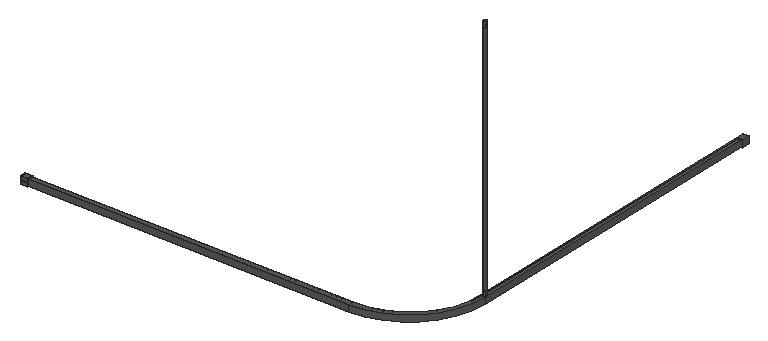
Revit family "rba-bim-rba4177-561", category Plumbing Fixtures, Revit 2018
Family settings
  Round Connector Dimension = Use Diameter
  Part Type = Normal
  Work Plane-Based = No
  Always vertical = Yes
  Cut with Voids When Loaded = No
  Shared = No
  Room Calculation Point = No
Parameters (values of type "RBA4177-561")
  URL = "www.rba.com.au"
  Phone Number = ""
  Modified Issue = "20220411.01"
  Materials and Finishes = Matte Black
  Length = 1635.000 mm
  Model = "RBA4177-561"
  Manufacturer = "RBA Group"  # constant formula
  Description = "Shower Curtain Track, Matte Black 1635mm x 1635mm"
  Copyright by = "RBA Group"  # constant formula
Reference planes
  plane 1 "Center (Front/Back)": y = 0
  plane 2: z = 0
  plane 3 "Center (Left/Right)": x = 0
  plane 4: y = 1635
  plane 5: x = 1635
  plane 6: z = 1000
  plane 7: z = -12.5
Forms (mm)
  Sweep 1, solid, material "Matte Black" <- "Materials and Finishes"
    path origin (-36, 140, 0) x (0, 1, 0) y (-1, 0, 0)
      loop
        line (-140, -38) -> (-140, -1371)
        arc (-140, -1371) -> (-52.132, -1583.132) -> (160, -1671) r 300
        line (160, -1671) -> (1493, -1671)
    profile origin (668.5, 0, 0) x (0, 1, 0) y (0, 0, 1)
      loop
        line (10, 0) -> (-10, 0) -> (-10, -25) -> (-5, -25) -> (-5, -23) -> (-7.375, -23) -> (-7.375, -2) -> (7.375, -2) -> (7.375, -23) -> (5, -23) -> (5, -25) -> (10, -25) -> (10, 0)
  Extrusion 2, solid, material "Matte Black" <- "Materials and Finishes"
    sketch origin (-382.862, 346.756, 115.333) x (0, 1, 0) y (-1, 0, 0)
      loop
        circle (-36.756, -2017.862) r 5.5
      loop
        circle (-36.756, -2017.862) r 6
    from -113.333 to 882.667
  Extrusion 3, solid, material "Matte Black" <- "Materials and Finishes"
    sketch origin (130.879, 145, -28.249) x (0, 1, 0) y (0, 0, -1)
      loop
        line (-133, -1.249) -> (-157, -1.249) -> (-157, -30.249) -> (-133, -30.249) -> (-133, -1.249)
    from 100.879 to 130.879
  Extrusion 4, void
    sketch origin (95.879, 140, -28.249) x (0, 1, 0) y (0, 0, -1)
      loop
        line (-130, -3.249) -> (-150, -3.249) -> (-150, -28.249) -> (-130, -28.249) -> (-130, -3.249)
    from 65.879 to 93.879
  Extrusion 5, void
    sketch origin (-12.554, -150, -164.579) x (0, 0, -1) y (-1, 0, 0)
      loop
        circle (-152.079, -21.553) r 2
      loop
        circle (-152.079, -28.553) r 2
      loop
        circle (-152.079, -35.554) r 2
    from 135.5 to 164.5
  Extrusion 6, solid, material "Matte Black" <- "Materials and Finishes"
    sketch origin (1775.135, 1504.121, -26.249) x (1, 0, 0) y (0, 0, -1)
      loop
        line (-128.135, 0.751) -> (-152.135, 0.751) -> (-152.135, -28.249) -> (-128.135, -28.249) -> (-128.135, 0.751)
    from 100.879 to 130.879
  Extrusion 7, void
    sketch origin (1775.135, 1539.321, -26.999) x (1, 0, 0) y (0, 0, -1)
      loop
        line (-130.135, -1.999) -> (-150.135, -1.999) -> (-150.135, -26.999) -> (-130.135, -26.999) -> (-130.135, -1.999)
    from 65.679 to 93.679
  Extrusion 8, solid, material "Matte Black" <- "Materials and Finishes"
    sketch origin (-82.862, 346.756, -892.315) x (0, 1, 0) y (-1, 0, 0)
      loop
        circle (-36.756, -1717.862) r 6.5
    from 912.315 to 892.315
  Extrusion 9, void
    sketch origin (-82.862, 346.756, -950.273) x (0, 1, 0) y (-1, 0, 0)
      loop
        circle (-36.756, -1717.862) r 6
    from 970.273 to 952.273
  Extrusion 10, solid, material "Matte Black" <- "Materials and Finishes"
    sketch origin (-82.862, 346.756, 80.835) x (1, 0, 0) y (0, 1, 0)
      loop
        circle (1717.862, -36.756) r 6.5
    from 899.165 to 919.165
  Extrusion 11, void
    sketch origin (-82.862, 346.756, 144.268) x (1, 0, 0) y (0, 1, 0)
      loop
        circle (1717.862, -36.756) r 6
    from 835.732 to 853.732
  Extrusion 12, void
    sketch origin (1538.26, 1635.003, -164.579) x (0, 0, -1) y (0, 1, 0)
      loop
        circle (-152.079, -21.553) r 2
      loop
        circle (-152.079, -14.553) r 2
      loop
        circle (-152.079, -7.553) r 2
    from 84.74 to 108.74
Cuts and joins
  Extrusion 9, Extrusion 11 cuts Extrusion 8
  Extrusion 11 cuts Extrusion 10
  Extrusion 4, Extrusion 5, Extrusion 12 cuts Sweep 1
  Extrusion 4, Extrusion 5 cuts Extrusion 3
  Extrusion 7, Extrusion 12 cuts Extrusion 6
  joined: Sweep 1, Extrusion 3, Extrusion 6
Dimensions and locks
  "Length": plane 3 "Center (Left/Right)" to plane 5
  "Length": plane 4 to plane 1 "Center (Front/Back)"
  Sweep 1 sketch curve to Sweep 1 sketch curve = 20.000 mm
  locked: Sweep 1 sketch curve to plane 3 "Center (Left/Right)" at 2
  Extrusion 3 to Sweep 1 = 2.000 mm  (x4)
  plane 3 "Center (Left/Right)" to Extrusion 3 = 30.000 mm
  Extrusion 3 to Extrusion 3 = 29.000 mm
  locked: plane 4 to Sweep 1 sketch curve at 2
  plane 1 "Center (Front/Back)" to Extrusion 2 sketch curve = 310.000 mm
  locked: Extrusion 8 to Extrusion 8 at 20
  locked: Extrusion 9 to Extrusion 8 at 2
  locked: Extrusion 10 to Extrusion 10 at 20
  locked: Extrusion 11 to Extrusion 10 at 2
  locked: plane 6 to level at 1000
  locked: plane 4 to cut or joined group of Sweep 1, Extrusion 3, Extrusion 4, Extrusion 5, Extrusion 6, Extrusion 7, Extrusion 12 at 30
  cut or joined group of Sweep 1, Extrusion 3, Extrusion 4, Extrusion 5, Extrusion 6, Extrusion 7, Extrusion 12 to cut or joined group of Sweep 1, Extrusion 3, Extrusion 4, Extrusion 5, Extrusion 6, Extrusion 7, Extrusion 12 = 2.000 mm  (x2)
  cut or joined group of Sweep 1, Extrusion 3, Extrusion 4, Extrusion 5, Extrusion 6, Extrusion 7, Extrusion 12 to plane 5 to cut or joined group of Sweep 1, Extrusion 3, Extrusion 4, Extrusion 5, Extrusion 6, Extrusion 7, Extrusion 12 = 12.000 mm, 12.000 mm
  locked: plane 4 to Extrusion 7 at 2
  locked: Extrusion 7 to plane 5 at 10
  cut or joined group of Sweep 1, Extrusion 3, Extrusion 4, Extrusion 5, Extrusion 6, Extrusion 7, Extrusion 12 to plane 5 to cut or joined group of Sweep 1, Extrusion 3, Extrusion 4, Extrusion 5, Extrusion 6, Extrusion 7, Extrusion 12 = 12.000 mm locked, 12.000 mm locked
  aligned and locked: plane 1 "Center (Front/Back)" to Sweep 1 sketch curve
  aligned and locked: Extrusion 3 to plane 3 "Center (Left/Right)"
  aligned and locked: plane 5 to Sweep 1 sketch curve
  aligned and locked: Extrusion 8 to Extrusion 9
  aligned and locked: Extrusion 2 to cut or joined group of Extrusion 8, Extrusion 9, Extrusion 11
  aligned and locked: Extrusion 8 to level
  aligned and locked: Extrusion 11 to Extrusion 10
  aligned and locked: cut or joined group of Extrusion 10, Extrusion 11 to Extrusion 2
  aligned and locked: plane 6 to cut or joined group of Extrusion 10, Extrusion 11
  aligned and locked: plane 4 to Extrusion 6
  aligned and locked: Extrusion 6 to Extrusion 7
  aligned and locked: Extrusion 6 to Extrusion 12  (x2)
Automatic sketch dimensions
  Sweep 1 sketch curve to plane 1 "Center (Front/Back)" = 300.000 mm
  Sweep 1 sketch curve to profile plane = 0.000 mm
  profile plane to Sweep 1 sketch curve = 10.000 mm
  Sweep 1 sketch curve to Sweep 1 sketch curve = 2.625 mm
  Sweep 1 sketch curve to Sweep 1 sketch curve = 2.375 mm
  Sweep 1 sketch curve to profile plane = 5.000 mm
  Sweep 1 sketch curve to Sweep 1 sketch curve = 2.624 mm
  Sweep 1 sketch curve to profile plane = 2.000 mm
  Sweep 1 sketch curve to Sweep 1 sketch curve = 21.000 mm
  Sweep 1 sketch curve to Sweep 1 sketch curve = 0.000 mm
  Sweep 1 sketch curve to Sweep 1 sketch curve = 2.000 mm  (x2)
  Extrusion 2 sketch curve to Extrusion 2 sketch curve = 0.000 mm  (x2)
  Extrusion 2 sketch curve to plane 5 = 0.000 mm
  plane 1 "Center (Front/Back)" to Extrusion 3 sketch curve = 12.000 mm
  Extrusion 3 sketch curve to plane 1 "Center (Front/Back)" = 12.000 mm
  level to Extrusion 3 sketch curve = 2.000 mm
  Extrusion 3 sketch curve to plane 7 = 14.500 mm
  Extrusion 4 sketch curve to level = 0.000 mm
  plane 1 "Center (Front/Back)" to Extrusion 4 sketch curve = 10.000 mm
  Extrusion 4 sketch curve to plane 1 "Center (Front/Back)" = 10.000 mm
  Extrusion 4 sketch curve to plane 7 = 12.500 mm
  Extrusion 5 sketch curve to plane 7 = 0.000 mm  (x3)
  plane 3 "Center (Left/Right)" to Extrusion 5 sketch curve = 23.000 mm
  Extrusion 5 sketch curve to Extrusion 5 sketch curve = 7.000 mm  (x2)
  Extrusion 6 sketch curve to plane 5 = 12.000 mm
  plane 5 to Extrusion 6 sketch curve = 12.000 mm
  level to Extrusion 6 sketch curve = 2.000 mm
  Extrusion 6 sketch curve to plane 7 = 14.500 mm
  Extrusion 7 sketch curve to level = 0.000 mm
  Extrusion 7 sketch curve to plane 5 = 10.000 mm
  plane 5 to Extrusion 7 sketch curve = 10.000 mm
  Extrusion 7 sketch curve to plane 7 = 12.500 mm
  Extrusion 8 sketch curve to plane 5 = 0.000 mm
  Extrusion 8 sketch curve to plane 1 "Center (Front/Back)" = 310.000 mm
  Extrusion 9 sketch curve to plane 5 = 0.000 mm
  Extrusion 9 sketch curve to plane 1 "Center (Front/Back)" = 310.000 mm
  Extrusion 10 sketch curve to plane 5 = 0.000 mm
  Extrusion 10 sketch curve to plane 1 "Center (Front/Back)" = 310.000 mm
  Extrusion 11 sketch curve to plane 5 = 0.000 mm
  Extrusion 11 sketch curve to plane 1 "Center (Front/Back)" = 310.000 mm
  plane 7 to Extrusion 12 sketch curve = 0.000 mm  (x3)
  Extrusion 12 sketch curve to plane 4 = 21.550 mm
  Extrusion 12 sketch curve to Extrusion 12 sketch curve = 7.000 mm  (x2)
  radius of Extrusion 2 sketch curve = 5.500 mm
  radius of Extrusion 2 sketch curve = 6.000 mm
  radius of Extrusion 5 sketch curve = 2.000 mm  (x3)
  radius of Extrusion 8 sketch curve = 6.500 mm
  radius of Extrusion 9 sketch curve = 6.000 mm
  radius of Extrusion 10 sketch curve = 6.500 mm
  radius of Extrusion 11 sketch curve = 6.000 mm
  radius of Extrusion 12 sketch curve = 2.000 mm  (x3)
